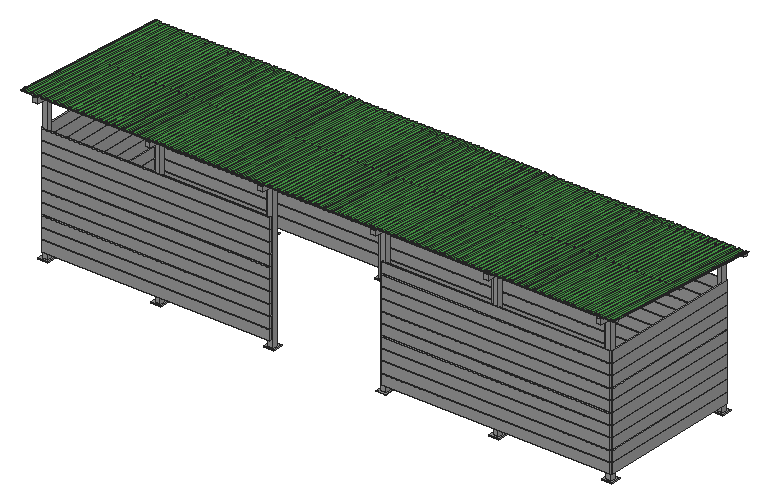
Revit family "Контейнерная площадка «Экология» Арт 19441", category Антураж, Revit 2018 (continued)
Definition of nested family "Контейнерная площадка «Экология» Арт 19441 8,8 м"
  Parameters (values of type "Контейнерная площадка «Экология» Арт 19441 8,8 м")
    Ширина = 2500 mm
    Цвет отделки = none
    Цвет крыши = none
    Цвет каркаса = none
    Длина = 8800 mm
    Height = 2268 mm
  Reference planes
    plane 1 "По центру (Вперед/Назад)": y = 0
    plane 2: z = 0
    plane 3 "По центру (Влево/Вправо)": x = 0
    plane 4: x = 8800
    plane 5: y = 2500
    plane 6: z = 2268
  Forms (mm)
    Extrusion 1, solid, material <- "Цвет каркаса"
      sketch origin (0, 0, 0) x (0, 1, 0) y (0, 0, 1)
        loop
          line (2314.951, 0) -> (2314.951, 2000.952) -> (2500, 1988.012) -> (2500, 2058.183) -> (0, 2233) -> (0, 2162.829) -> (185, 2149.893) -> (185, 0) -> (255, 0) -> (255, 2144.998) -> (2244.951, 2005.847) -> (2244.951, 0) -> (2314.951, 0)
      from 185 to 255
    Extrusion 2, solid, material <- "Цвет каркаса"
      sketch origin (0, 0, 0) x (0, 1, 0) y (0, 0, 1)
        loop
          line (0, 2233) -> (0, 2162.829) -> (185, 2149.893) -> (185, 0) -> (255, 0) -> (255, 2144.998) -> (2244.951, 2005.847) -> (2244.951, 0) -> (2314.951, 0) -> (2314.951, 2000.952) -> (2500, 1988.012) -> (2500, 2058.183) -> (0, 2233)
      from 1857 to 1927
    Extrusion 3, solid, material <- "Цвет каркаса"
      sketch origin (5600, 0, 0) x (0, 1, 0) y (0, 0, -1)
        loop
          line (2244.951, -2005.847) -> (255, -2144.998) -> (255, 0) -> (185, 0) -> (185, -2149.893) -> (0, -2162.829) -> (0, -2233) -> (2500, -2058.183) -> (2500, -1988.012) -> (2314.951, -2000.952) -> (2314.951, 0) -> (2244.951, 0) -> (2244.951, -2005.847)
      from 329 to 399
    Extrusion 4, solid, material <- "Цвет каркаса"
      sketch origin (5600, 0, 0) x (0, 1, 0) y (0, 0, -1)
        loop
          line (2244.951, -2005.847) -> (255, -2144.998) -> (255, 0) -> (185, 0) -> (185, -2149.893) -> (0, -2162.829) -> (0, -2233) -> (2500, -2058.183) -> (2500, -1988.012) -> (2314.951, -2000.952) -> (2314.951, 0) -> (2244.951, 0) -> (2244.951, -2005.847)
      from 2001 to 2071
    Extrusion 5, solid, material <- "Цвет крыши"
      sketch origin (0, -158.208, 5.525) x (1, 0, 0) y (0, 0.069756, 0.997564)
        loop
          line (30, 2268) -> (25, 2260) -> (0, 2260) -> (0, 2258) -> (26.108, 2258) -> (31.108, 2266) -> (81.392, 2266) -> (86.392, 2258) -> (141.108, 2258) -> (146.108, 2266) -> (196.392, 2266) -> (201.392, 2258) -> (256.108, 2258) -> (261.108, 2266) -> (311.392, 2266) -> (316.392, 2258) -> (371.108, 2258) -> (376.108, 2266) -> (426.392, 2266) -> (431.392, 2258) -> (486.108, 2258) -> (491.108, 2266) -> (541.392, 2266) -> (546.392, 2258) -> (601.108, 2258) -> (606.108, 2266) -> (656.392, 2266) -> (661.392, 2258) -> (716.108, 2258) -> (721.108, 2266) -> (771.392, 2266) -> (776.392, 2258) -> (831.108, 2258) -> (836.108, 2266) -> (886.392, 2266) -> (891.392, 2258) -> (946.108, 2258) -> (951.108, 2266) -> (1001.392, 2266) -> (1006.392, 2258) -> (1061.108, 2258) -> (1066.108, 2266) -> (1116.392, 2266) -> (1121.392, 2258) -> (1176.108, 2258) -> (1181.108, 2266) -> (1231.392, 2266) -> (1236.392, 2258) -> (1291.108, 2258) -> (1296.108, 2266) -> (1346.392, 2266) -> (1351.392, 2258) -> (1406.108, 2258) -> (1411.108, 2266) -> (1461.392, 2266) -> (1466.392, 2258) -> (1521.108, 2258) -> (1526.108, 2266) -> (1576.392, 2266) -> (1581.392, 2258) -> (1636.108, 2258) -> (1641.108, 2266) -> (1691.392, 2266) -> (1696.392, 2258) -> (1751.108, 2258) -> (1756.108, 2266) -> (1806.392, 2266) -> (1811.392, 2258) -> (1866.108, 2258) -> (1871.108, 2266) -> (1921.392, 2266) -> (1926.392, 2258) -> (1981.108, 2258) -> (1986.108, 2266) -> (2036.392, 2266) -> (2041.392, 2258) -> (2096.108, 2258) -> (2101.108, 2266) -> (2151.392, 2266) -> (2156.392, 2258) -> (2211.108, 2258) -> (2216.108, 2266) -> (2266.392, 2266) -> (2271.392, 2258) -> (2326.108, 2258) -> (2331.108, 2266) -> (2381.392, 2266) -> (2386.392, 2258) -> (2441.108, 2258) -> (2446.108, 2266) -> (2496.392, 2266) -> (2501.392, 2258) -> (2556.108, 2258) -> (2561.108, 2266) -> (2611.392, 2266) -> (2616.392, 2258) -> (2671.108, 2258) -> (2676.108, 2266) -> (2726.392, 2266) -> (2731.392, 2258) -> (2786.108, 2258) -> (2791.108, 2266) -> (2841.392, 2266) -> (2846.392, 2258) -> (2901.108, 2258) -> (2906.108, 2266) -> (2956.392, 2266) -> (2961.392, 2258) -> (3016.108, 2258) -> (3021.108, 2266) -> (3071.392, 2266) -> (3076.392, 2258) -> (3131.108, 2258) -> (3136.108, 2266) -> (3186.392, 2266) -> (3191.392, 2258) -> (3246.108, 2258) -> (3251.108, 2266) -> (3301.392, 2266) -> (3306.392, 2258) -> (3361.108, 2258) -> (3366.108, 2266) -> (3416.392, 2266) -> (3421.392, 2258) -> (3476.108, 2258) -> (3481.108, 2266) -> (3531.392, 2266) -> (3536.392, 2258) -> (3591.108, 2258) -> (3596.108, 2266) -> (3646.392, 2266) -> (3651.392, 2258) -> (3706.108, 2258) -> (3711.108, 2266) -> (3761.392, 2266) -> (3766.392, 2258) -> (3821.108, 2258) -> (3826.108, 2266) -> (3876.392, 2266) -> (3881.392, 2258) -> (3936.108, 2258) -> (3941.108, 2266) -> (3991.392, 2266) -> (3996.392, 2258) -> (4051.108, 2258) -> (4056.108, 2266) -> (4106.392, 2266) -> (4111.392, 2258) -> (4166.108, 2258) -> (4171.108, 2266) -> (4221.392, 2266) -> (4226.392, 2258) -> (4281.108, 2258) -> (4286.108, 2266) -> (4336.392, 2266) -> (4341.392, 2258) -> (4396.108, 2258) -> (4401.108, 2266) -> (4451.392, 2266) -> (4456.392, 2258) -> (4511.108, 2258) -> (4516.108, 2266) -> (4566.392, 2266) -> (4571.392, 2258) -> (4626.108, 2258) -> (4631.108, 2266) -> (4681.392, 2266) -> (4686.392, 2258) -> (4741.108, 2258) -> (4746.108, 2266) -> (4796.392, 2266) -> (4801.392, 2258) -> (4856.108, 2258) -> (4861.108, 2266) -> (4911.392, 2266) -> (4916.392, 2258) -> (4971.108, 2258) -> (4976.108, 2266) -> (5026.392, 2266) -> (5031.392, 2258) -> (5086.108, 2258) -> (5091.108, 2266) -> (5141.392, 2266) -> (5146.392, 2258) -> (5201.108, 2258) -> (5206.108, 2266) -> (5256.392, 2266) -> (5261.392, 2258) -> (5316.108, 2258) -> (5321.108, 2266) -> (5371.392, 2266) -> (5376.392, 2258) -> (5431.108, 2258) -> (5436.108, 2266) -> (5486.392, 2266) -> (5491.392, 2258) -> (5546.108, 2258) -> (5551.108, 2266) -> (5601.392, 2266) -> (5606.392, 2258) -> (5661.108, 2258) -> (5666.108, 2266) -> (5716.392, 2266) -> (5721.392, 2258) -> (5776.108, 2258) -> (5781.108, 2266) -> (5831.392, 2266) -> (5836.392, 2258) -> (5891.108, 2258) -> (5896.108, 2266) -> (5946.392, 2266) -> (5951.392, 2258) -> (6006.108, 2258) -> (6011.108, 2266) -> (6061.392, 2266) -> (6066.392, 2258) -> (6121.108, 2258) -> (6126.108, 2266) -> (6176.392, 2266) -> (6181.392, 2258) -> (6236.108, 2258) -> (6241.108, 2266) -> (6291.392, 2266) -> (6296.392, 2258) -> (6351.108, 2258) -> (6356.108, 2266) -> (6406.392, 2266) -> (6411.392, 2258) -> (6466.108, 2258) -> (6471.108, 2266) -> (6521.392, 2266) -> (6526.392, 2258) -> (6581.108, 2258) -> (6586.108, 2266) -> (6636.392, 2266) -> (6641.392, 2258) -> (6696.108, 2258) -> (6701.108, 2266) -> (6751.392, 2266) -> (6756.392, 2258) -> (6811.108, 2258) -> (6816.108, 2266) -> (6866.392, 2266) -> (6871.392, 2258) -> (6926.108, 2258) -> (6931.108, 2266) -> (6981.392, 2266) -> (6986.392, 2258) -> (7041.108, 2258) -> (7046.108, 2266) -> (7096.392, 2266) -> (7101.392, 2258) -> (7156.108, 2258) -> (7161.108, 2266) -> (7211.392, 2266) -> (7216.392, 2258) -> (7271.108, 2258) -> (7276.108, 2266) -> (7326.392, 2266) -> (7331.392, 2258) -> (7386.108, 2258) -> (7391.108, 2266) -> (7441.392, 2266) -> (7446.392, 2258) -> (7501.108, 2258) -> (7506.108, 2266) -> (7556.392, 2266) -> (7561.392, 2258) -> (7616.108, 2258) -> (7621.108, 2266) -> (7671.392, 2266) -> (7676.392, 2258) -> (7731.108, 2258) -> (7736.108, 2266) -> (7786.392, 2266) -> (7791.392, 2258) -> (7846.108, 2258) -> (7851.108, 2266) -> (7901.392, 2266) -> (7906.392, 2258) -> (7961.108, 2258) -> (7966.108, 2266) -> (8016.392, 2266) -> (8021.392, 2258) -> (8076.108, 2258) -> (8081.108, 2266) -> (8131.392, 2266) -> (8136.392, 2258) -> (8191.108, 2258) -> (8196.108, 2266) -> (8246.392, 2266) -> (8251.392, 2258) -> (8306.108, 2258) -> (8311.108, 2266) -> (8361.392, 2266) -> (8366.392, 2258) -> (8421.108, 2258) -> (8426.108, 2266) -> (8476.392, 2266) -> (8481.392, 2258) -> (8536.108, 2258) -> (8541.108, 2266) -> (8591.392, 2266) -> (8596.392, 2258) -> (8651.108, 2258) -> (8656.108, 2266) -> (8706.392, 2266) -> (8711.392, 2258) -> (8766.108, 2258) -> (8771.108, 2266) -> (8800, 2266) -> (8800, 2268) -> (8770, 2268) -> (8765, 2260) -> (8712.5, 2260) -> (8707.5, 2268) -> (8655, 2268) -> (8650, 2260) -> (8597.5, 2260) -> (8592.5, 2268) -> (8540, 2268) -> (8535, 2260) -> (8482.5, 2260) -> (8477.5, 2268) -> (8425, 2268) -> (8420, 2260) -> (8367.5, 2260) -> (8362.5, 2268) -> (8310, 2268) -> (8305, 2260) -> (8252.5, 2260) -> (8247.5, 2268) -> (8195, 2268) -> (8190, 2260) -> (8137.5, 2260) -> (8132.5, 2268) -> (8080, 2268) -> (8075, 2260) -> (8022.5, 2260) -> (8017.5, 2268) -> (7965, 2268) -> (7960, 2260) -> (7907.5, 2260) -> (7902.5, 2268) -> (7850, 2268) -> (7845, 2260) -> (7792.5, 2260) -> (7787.5, 2268) -> (7735, 2268) -> (7730, 2260) -> (7677.5, 2260) -> (7672.5, 2268) -> (7620, 2268) -> (7615, 2260) -> (7562.5, 2260) -> (7557.5, 2268) -> (7505, 2268) -> (7500, 2260) -> (7447.5, 2260) -> (7442.5, 2268) -> (7390, 2268) -> (7385, 2260) -> (7332.5, 2260) -> (7327.5, 2268) -> (7275, 2268) -> (7270, 2260) -> (7217.5, 2260) -> (7212.5, 2268) -> (7160, 2268) -> (7155, 2260) -> (7102.5, 2260) -> (7097.5, 2268) -> (7045, 2268) -> (7040, 2260) -> (6987.5, 2260) -> (6982.5, 2268) -> (6930, 2268) -> (6925, 2260) -> (6872.5, 2260) -> (6867.5, 2268) -> (6815, 2268) -> (6810, 2260) -> (6757.5, 2260) -> (6752.5, 2268) -> (6700, 2268) -> (6695, 2260) -> (6642.5, 2260) -> (6637.5, 2268) -> (6585, 2268) -> (6580, 2260) -> (6527.5, 2260) -> (6522.5, 2268) -> (6470, 2268) -> (6465, 2260) -> (6412.5, 2260) -> (6407.5, 2268) -> (6355, 2268) -> (6350, 2260) -> (6297.5, 2260) -> (6292.5, 2268) -> (6240, 2268) -> (6235, 2260) -> (6182.5, 2260) -> (6177.5, 2268) -> (6125, 2268) -> (6120, 2260) -> (6067.5, 2260) -> (6062.5, 2268) -> (6010, 2268) -> (6005, 2260) -> (5952.5, 2260) -> (5947.5, 2268) -> (5895, 2268) -> (5890, 2260) -> (5837.5, 2260) -> (5832.5, 2268) -> (5780, 2268) -> (5775, 2260) -> (5722.5, 2260) ->
             (5717.5, 2268) -> (5665, 2268) -> (5660, 2260) -> (5607.5, 2260) -> (5602.5, 2268) -> (5550, 2268) -> (5545, 2260) -> (5492.5, 2260) -> (5487.5, 2268) -> (5435, 2268) -> (5430, 2260) -> (5377.5, 2260) -> (5372.5, 2268) -> (5320, 2268) -> (5315, 2260) -> (5262.5, 2260) -> (5257.5, 2268) -> (5205, 2268) -> (5200, 2260) -> (5147.5, 2260) -> (5142.5, 2268) -> (5090, 2268) -> (5085, 2260) -> (5032.5, 2260) -> (5027.5, 2268) -> (4975, 2268) -> (4970, 2260) -> (4917.5, 2260) -> (4912.5, 2268) -> (4860, 2268) -> (4855, 2260) -> (4802.5, 2260) -> (4797.5, 2268) -> (4745, 2268) -> (4740, 2260) -> (4687.5, 2260) -> (4682.5, 2268) -> (4630, 2268) -> (4625, 2260) -> (4572.5, 2260) -> (4567.5, 2268) -> (4515, 2268) -> (4510, 2260) -> (4457.5, 2260) -> (4452.5, 2268) -> (4400, 2268) -> (4395, 2260) -> (4342.5, 2260) -> (4337.5, 2268) -> (4285, 2268) -> (4280, 2260) -> (4227.5, 2260) -> (4222.5, 2268) -> (4170, 2268) -> (4165, 2260) -> (4112.5, 2260) -> (4107.5, 2268) -> (4055, 2268) -> (4050, 2260) -> (3997.5, 2260) -> (3992.5, 2268) -> (3940, 2268) -> (3935, 2260) -> (3882.5, 2260) -> (3877.5, 2268) -> (3825, 2268) -> (3820, 2260) -> (3767.5, 2260) -> (3762.5, 2268) -> (3710, 2268) -> (3705, 2260) -> (3652.5, 2260) -> (3647.5, 2268) -> (3595, 2268) -> (3590, 2260) -> (3537.5, 2260) -> (3532.5, 2268) -> (3480, 2268) -> (3475, 2260) -> (3422.5, 2260) -> (3417.5, 2268) -> (3365, 2268) -> (3360, 2260) -> (3307.5, 2260) -> (3302.5, 2268) -> (3250, 2268) -> (3245, 2260) -> (3192.5, 2260) -> (3187.5, 2268) -> (3135, 2268) -> (3130, 2260) -> (3077.5, 2260) -> (3072.5, 2268) -> (3020, 2268) -> (3015, 2260) -> (2962.5, 2260) -> (2957.5, 2268) -> (2905, 2268) -> (2900, 2260) -> (2847.5, 2260) -> (2842.5, 2268) -> (2790, 2268) -> (2785, 2260) -> (2732.5, 2260) -> (2727.5, 2268) -> (2675, 2268) -> (2670, 2260) -> (2617.5, 2260) -> (2612.5, 2268) -> (2560, 2268) -> (2555, 2260) -> (2502.5, 2260) -> (2497.5, 2268) -> (2445, 2268) -> (2440, 2260) -> (2387.5, 2260) -> (2382.5, 2268) -> (2330, 2268) -> (2325, 2260) -> (2272.5, 2260) -> (2267.5, 2268) -> (2215, 2268) -> (2210, 2260) -> (2157.5, 2260) -> (2152.5, 2268) -> (2100, 2268) -> (2095, 2260) -> (2042.5, 2260) -> (2037.5, 2268) -> (1985, 2268) -> (1980, 2260) -> (1927.5, 2260) -> (1922.5, 2268) -> (1870, 2268) -> (1865, 2260) -> (1812.5, 2260) -> (1807.5, 2268) -> (1755, 2268) -> (1750, 2260) -> (1697.5, 2260) -> (1692.5, 2268) -> (1640, 2268) -> (1635, 2260) -> (1582.5, 2260) -> (1577.5, 2268) -> (1525, 2268) -> (1520, 2260) -> (1467.5, 2260) -> (1462.5, 2268) -> (1410, 2268) -> (1405, 2260) -> (1352.5, 2260) -> (1347.5, 2268) -> (1295, 2268) -> (1290, 2260) -> (1237.5, 2260) -> (1232.5, 2268) -> (1180, 2268) -> (1175, 2260) -> (1122.5, 2260) -> (1117.5, 2268) -> (1065, 2268) -> (1060, 2260) -> (1007.5, 2260) -> (1002.5, 2268) -> (950, 2268) -> (945, 2260) -> (892.5, 2260) -> (887.5, 2268) -> (835, 2268) -> (830, 2260) -> (777.5, 2260) -> (772.5, 2268) -> (720, 2268) -> (715, 2260) -> (662.5, 2260) -> (657.5, 2268) -> (605, 2268) -> (600, 2260) -> (547.5, 2260) -> (542.5, 2268) -> (490, 2268) -> (485, 2260) -> (432.5, 2260) -> (427.5, 2268) -> (375, 2268) -> (370, 2260) -> (317.5, 2260) -> (312.5, 2268) -> (260, 2268) -> (255, 2260) -> (202.5, 2260) -> (197.5, 2268) -> (145, 2268) -> (140, 2260) -> (87.5, 2260) -> (82.5, 2268) -> (30, 2268)
      from 0 to -2506.188
    Extrusion 6, solid, material <- "Цвет каркаса"
      sketch origin (0, 0, 0) x (0, 1, 0) y (0, 0, 1)
        loop
          line (2465.085, 2060.624) -> (2466.823, 2085.478) -> (2416.945, 2088.966) -> (2415.207, 2064.112) -> (2465.085, 2060.624)
        loop
          line (84.793, 2227.071) -> (86.531, 2251.925) -> (36.653, 2255.413) -> (34.915, 2230.559) -> (84.793, 2227.071)
        loop
          line (1274.939, 2143.848) -> (1276.677, 2168.702) -> (1226.799, 2172.189) -> (1225.061, 2147.335) -> (1274.939, 2143.848)
      from 0 to 8800
    Extrusion 7, solid, material <- "Цвет каркаса"
      sketch origin (0, 0, 0) x (1, 0, 0) y (0, 1, 0)
        loop
          line (145, 2354.951) -> (145, 2204.951) -> (295, 2204.951) -> (295, 2354.951) -> (145, 2354.951)
        loop
          line (145, 295) -> (145, 145) -> (295, 145) -> (295, 295) -> (145, 295)
        loop
          line (1817, 2354.951) -> (1817, 2204.951) -> (1967, 2204.951) -> (1967, 2354.951) -> (1817, 2354.951)
        loop
          line (1817, 295) -> (1817, 145) -> (1967, 145) -> (1967, 295) -> (1817, 295)
        loop
          line (3489, 2354.951) -> (3489, 2204.951) -> (3639, 2204.951) -> (3639, 2354.951) -> (3489, 2354.951)
        loop
          line (3489, 295) -> (3489, 145) -> (3639, 145) -> (3639, 295) -> (3489, 295)
        loop
          line (5161, 2354.951) -> (5161, 2204.951) -> (5311, 2204.951) -> (5311, 2354.951) -> (5161, 2354.951)
        loop
          line (5161, 295) -> (5161, 145) -> (5311, 145) -> (5311, 295) -> (5161, 295)
        loop
          line (6833, 2354.951) -> (6833, 2204.951) -> (6983, 2204.951) -> (6983, 2354.951) -> (6833, 2354.951)
        loop
          line (6833, 295) -> (6833, 145) -> (6983, 145) -> (6983, 295) -> (6833, 295)
        loop
          line (8505, 2354.951) -> (8505, 2204.951) -> (8655, 2204.951) -> (8655, 2354.951) -> (8505, 2354.951)
        loop
          line (8505, 295) -> (8505, 145) -> (8655, 145) -> (8655, 295) -> (8505, 295)
      from 0 to 10
    Extrusion 8, solid, material <- "Цвет отделки"
      sketch origin (0, 0, 0) x (0, 1, 0) y (0, 0, 1)
        loop
          line (2314.951, 1735) -> (185, 1735) -> (185, 1585) -> (2314.951, 1585) -> (2314.951, 1735)
        loop
          line (2314.951, 1570) -> (185, 1570) -> (185, 1420) -> (2314.951, 1420) -> (2314.951, 1570)
        loop
          line (2314.951, 1405) -> (185, 1405) -> (185, 1255) -> (2314.951, 1255) -> (2314.951, 1405)
        loop
          line (2314.951, 1240) -> (185, 1240) -> (185, 1090) -> (2314.951, 1090) -> (2314.951, 1240)
        loop
          line (2314.951, 1075) -> (185, 1075) -> (185, 925) -> (2314.951, 925) -> (2314.951, 1075)
        loop
          line (2314.951, 910) -> (185, 910) -> (185, 760) -> (2314.951, 760) -> (2314.951, 910)
        loop
          line (2314.951, 745) -> (185, 745) -> (185, 595) -> (2314.951, 595) -> (2314.951, 745)
        loop
          line (2314.951, 580) -> (185, 580) -> (185, 430) -> (2314.951, 430) -> (2314.951, 580)
        loop
          line (2314.951, 415) -> (185, 415) -> (185, 265) -> (2314.951, 265) -> (2314.951, 415)
        loop
          line (2314.951, 250) -> (185, 250) -> (185, 100) -> (2314.951, 100) -> (2314.951, 250)
      from 165 to 185
    Extrusion 9, solid, material <- "Цвет отделки"
      sketch origin (0, 0, 0) x (0, 1, 0) y (0, 0, 1)
        loop
          line (2314.951, 1735) -> (185, 1735) -> (185, 1585) -> (2314.951, 1585) -> (2314.951, 1735)
        loop
          line (2314.951, 1570) -> (185, 1570) -> (185, 1420) -> (2314.951, 1420) -> (2314.951, 1570)
        loop
          line (2314.951, 1405) -> (185, 1405) -> (185, 1255) -> (2314.951, 1255) -> (2314.951, 1405)
        loop
          line (2314.951, 1240) -> (185, 1240) -> (185, 1090) -> (2314.951, 1090) -> (2314.951, 1240)
        loop
          line (2314.951, 1075) -> (185, 1075) -> (185, 925) -> (2314.951, 925) -> (2314.951, 1075)
        loop
          line (2314.951, 910) -> (185, 910) -> (185, 760) -> (2314.951, 760) -> (2314.951, 910)
        loop
          line (2314.951, 745) -> (185, 745) -> (185, 595) -> (2314.951, 595) -> (2314.951, 745)
        loop
          line (2314.951, 580) -> (185, 580) -> (185, 430) -> (2314.951, 430) -> (2314.951, 580)
        loop
          line (2314.951, 415) -> (185, 415) -> (185, 265) -> (2314.951, 265) -> (2314.951, 415)
        loop
          line (2314.951, 250) -> (185, 250) -> (185, 100) -> (2314.951, 100) -> (2314.951, 250)
      from 8615 to 8635
    Extrusion 10, solid, material <- "Цвет отделки"
      sketch origin (0, 0, 0) x (1, 0, 0) y (0, 0, 1)
        loop
          line (5236, 1735) -> (5236, 1585) -> (8615, 1585) -> (8615, 1735) -> (5236, 1735)
        loop
          line (5236, 1570) -> (5236, 1420) -> (8615, 1420) -> (8615, 1570) -> (5236, 1570)
        loop
          line (5236, 1405) -> (5236, 1255) -> (8615, 1255) -> (8615, 1405) -> (5236, 1405)
        loop
          line (5236, 1240) -> (5236, 1090) -> (8615, 1090) -> (8615, 1240) -> (5236, 1240)
        loop
          line (5236, 1075) -> (5236, 925) -> (8615, 925) -> (8615, 1075) -> (5236, 1075)
        loop
          line (5236, 910) -> (5236, 760) -> (8615, 760) -> (8615, 910) -> (5236, 910)
        loop
          line (5236, 745) -> (5236, 595) -> (8615, 595) -> (8615, 745) -> (5236, 745)
        loop
          line (5236, 580) -> (5236, 430) -> (8615, 430) -> (8615, 580) -> (5236, 580)
        loop
          line (5236, 415) -> (5236, 265) -> (8615, 265) -> (8615, 415) -> (5236, 415)
        loop
          line (5236, 250) -> (5236, 100) -> (8615, 100) -> (8615, 250) -> (5236, 250)
        loop
          line (185, 1735) -> (185, 1585) -> (3564, 1585) -> (3564, 1735) -> (185, 1735)
        loop
          line (185, 1570) -> (185, 1420) -> (3564, 1420) -> (3564, 1570) -> (185, 1570)
        loop
          line (185, 1405) -> (185, 1255) -> (3564, 1255) -> (3564, 1405) -> (185, 1405)
        loop
          line (185, 1240) -> (185, 1090) -> (3564, 1090) -> (3564, 1240) -> (185, 1240)
        loop
          line (185, 1075) -> (185, 925) -> (3564, 925) -> (3564, 1075) -> (185, 1075)
        loop
          line (185, 910) -> (185, 760) -> (3564, 760) -> (3564, 910) -> (185, 910)
        loop
          line (185, 745) -> (185, 595) -> (3564, 595) -> (3564, 745) -> (185, 745)
        loop
          line (185, 580) -> (185, 430) -> (3564, 430) -> (3564, 580) -> (185, 580)
        loop
          line (185, 415) -> (185, 265) -> (3564, 265) -> (3564, 415) -> (185, 415)
        loop
          line (185, 250) -> (185, 100) -> (3564, 100) -> (3564, 250) -> (185, 250)
      from -185 to -165
    Extrusion 11, solid, material <- "Цвет отделки"
      sketch origin (0, 0, 0) x (1, 0, 0) y (0, 0, 1)
        loop
          line (185, 1735) -> (185, 1585) -> (8615, 1585) -> (8615, 1735) -> (185, 1735)
        loop
          line (185, 1570) -> (185, 1420) -> (8615, 1420) -> (8615, 1570) -> (185, 1570)
        loop
          line (185, 1405) -> (185, 1255) -> (8615, 1255) -> (8615, 1405) -> (185, 1405)
        loop
          line (185, 1240) -> (185, 1090) -> (8615, 1090) -> (8615, 1240) -> (185, 1240)
        loop
          line (185, 1075) -> (185, 925) -> (8615, 925) -> (8615, 1075) -> (185, 1075)
        loop
          line (185, 910) -> (185, 760) -> (8615, 760) -> (8615, 910) -> (185, 910)
        loop
          line (185, 745) -> (185, 595) -> (8615, 595) -> (8615, 745) -> (185, 745)
        loop
          line (185, 580) -> (185, 430) -> (8615, 430) -> (8615, 580) -> (185, 580)
        loop
          line (185, 415) -> (185, 265) -> (8615, 265) -> (8615, 415) -> (185, 415)
        loop
          line (185, 250) -> (185, 100) -> (8615, 100) -> (8615, 250) -> (185, 250)
      from -2314.951 to -2335
    Extrusion 12, solid, material <- "Цвет каркаса"
      sketch origin (7275, 0, 0) x (0, 1, 0) y (0, 0, -1)
        loop
          line (2244.951, -2005.847) -> (255, -2144.998) -> (255, 0) -> (185, 0) -> (185, -2149.893) -> (0, -2162.829) -> (0, -2233) -> (2500, -2058.183) -> (2500, -1988.012) -> (2314.951, -2000.952) -> (2314.951, 0) -> (2244.951, 0) -> (2244.951, -2005.847)
      from 332 to 402
    Extrusion 13, solid, material <- "Цвет каркаса"
      sketch origin (7275, 0, 0) x (0, 1, 0) y (0, 0, -1)
        loop
          line (2244.951, -2005.847) -> (255, -2144.998) -> (255, 0) -> (185, 0) -> (185, -2149.893) -> (0, -2162.829) -> (0, -2233) -> (2500, -2058.183) -> (2500, -1988.012) -> (2314.951, -2000.952) -> (2314.951, 0) -> (2244.951, 0) -> (2244.951, -2005.847)
      from -1340 to -1270
  Dimensions and locks
    "Ширина": plane 5 to plane 1 "По центру (Вперед/Назад)"
    "Height": plane 6 to plane 2
    "Длина": plane 3 "По центру (Влево/Вправо)" to plane 4
    aligned and locked: level to plane 2
  Automatic sketch dimensions
    Extrusion 1 sketch curve to plane 1 "По центру (Вперед/Назад)" = 0 mm
    Extrusion 1 sketch curve to level = 0 mm
    level to Extrusion 1 sketch curve = 0 mm
    Extrusion 1 sketch curve to plane 5 = 0 mm
    Extrusion 1 sketch curve to plane 1 "По центру (Вперед/Назад)" = 185 mm
    Extrusion 1 sketch curve to plane 6 = 123.002 mm
    Extrusion 1 sketch curve to Extrusion 1 sketch curve = 70 mm  (x2)
    Extrusion 1 sketch curve to plane 5 = 255.049 mm
    Extrusion 1 sketch curve to plane 6 = 279.988 mm
    Extrusion 1 sketch curve to Extrusion 1 sketch curve = 12.94 mm
    Extrusion 1 sketch curve to Extrusion 1 sketch curve = 4.895 mm  (x2)
    Extrusion 1 sketch curve to Extrusion 1 sketch curve = 70.171 mm
    Extrusion 1 sketch curve to plane 6 = 105.171 mm
    Extrusion 1 sketch curve to plane 6 = 35 mm
    Extrusion 2 sketch curve to plane 1 "По центру (Вперед/Назад)" = 0 mm
    Extrusion 2 sketch curve to level = 0 mm
    level to Extrusion 2 sketch curve = 0 mm
    Extrusion 2 sketch curve to plane 5 = 0 mm
    Extrusion 2 sketch curve to plane 1 "По центру (Вперед/Назад)" = 185 mm
    Extrusion 2 sketch curve to Extrusion 2 sketch curve = 70 mm  (x2)
    Extrusion 2 sketch curve to plane 5 = 255.049 mm
    Extrusion 2 sketch curve to plane 6 = 279.988 mm
    Extrusion 2 sketch curve to Extrusion 2 sketch curve = 12.94 mm
    Extrusion 2 sketch curve to Extrusion 2 sketch curve = 4.895 mm  (x2)
    Extrusion 2 sketch curve to Extrusion 2 sketch curve = 70.171 mm
    Extrusion 2 sketch curve to plane 6 = 123.002 mm
    Extrusion 2 sketch curve to plane 6 = 105.171 mm
    Extrusion 2 sketch curve to plane 6 = 35 mm
    Extrusion 3 sketch curve to plane 1 "По центру (Вперед/Назад)" = 0 mm
    Extrusion 3 sketch curve to level = 0 mm  (x2)
    Extrusion 3 sketch curve to plane 5 = 0 mm
    Extrusion 3 sketch curve to plane 1 "По центру (Вперед/Назад)" = 185 mm
    Extrusion 3 sketch curve to Extrusion 3 sketch curve = 70 mm  (x2)
    Extrusion 3 sketch curve to plane 5 = 255.049 mm
    Extrusion 3 sketch curve to plane 6 = 279.988 mm
    Extrusion 3 sketch curve to Extrusion 3 sketch curve = 12.94 mm
    Extrusion 3 sketch curve to Extrusion 3 sketch curve = 4.895 mm  (x2)
    Extrusion 3 sketch curve to Extrusion 3 sketch curve = 70.171 mm
    Extrusion 3 sketch curve to plane 6 = 123.002 mm
    Extrusion 3 sketch curve to plane 6 = 105.171 mm
    Extrusion 3 sketch curve to plane 6 = 35 mm
    Extrusion 4 sketch curve to plane 1 "По центру (Вперед/Назад)" = 0 mm
    Extrusion 4 sketch curve to level = 0 mm  (x2)
    Extrusion 4 sketch curve to plane 5 = 0 mm
    Extrusion 4 sketch curve to plane 1 "По центру (Вперед/Назад)" = 185 mm
    Extrusion 4 sketch curve to Extrusion 4 sketch curve = 70 mm  (x2)
    Extrusion 4 sketch curve to plane 5 = 255.049 mm
    Extrusion 4 sketch curve to plane 6 = 279.988 mm
    Extrusion 4 sketch curve to Extrusion 4 sketch curve = 12.94 mm
    Extrusion 4 sketch curve to Extrusion 4 sketch curve = 4.895 mm  (x2)
    Extrusion 4 sketch curve to Extrusion 4 sketch curve = 70.171 mm
    Extrusion 4 sketch curve to plane 6 = 123.002 mm
    Extrusion 4 sketch curve to plane 6 = 105.171 mm
    Extrusion 4 sketch curve to plane 6 = 35 mm
    Extrusion 5 sketch curve to plane 3 "По центру (Влево/Вправо)" = 0 mm
    Extrusion 5 sketch curve to plane 4 = 0 mm
    plane 3 "По центру (Влево/Вправо)" to Extrusion 5 sketch curve = 25 mm
    Extrusion 5 sketch curve to Extrusion 5 sketch curve = 1.108 mm  (x306)
    Extrusion 5 sketch curve to Extrusion 5 sketch curve = 5 mm  (x153)
    Extrusion 5 sketch curve to Extrusion 5 sketch curve = 50.283 mm  (x76)
    Extrusion 5 sketch curve to Extrusion 5 sketch curve = 52.5 mm  (x75)
    Extrusion 5 sketch curve to plane 4 = 35 mm
    Extrusion 5 sketch curve to Extrusion 5 sketch curve = 0 mm  (x76)
    Extrusion 5 sketch curve to Extrusion 5 sketch curve = 2 mm  (x154)
    Extrusion 5 sketch curve to Extrusion 5 sketch curve = 8 mm
    Extrusion 5 sketch curve to Extrusion 5 sketch curve = 6 mm  (x76)
    Extrusion 6 sketch curve to plane 1 "По центру (Вперед/Назад)" = 34.915 mm
    Extrusion 6 sketch curve to plane 6 = 12.587 mm
    Extrusion 6 sketch curve to Extrusion 6 sketch curve = 1.738 mm  (x3)
    Extrusion 6 sketch curve to Extrusion 6 sketch curve = 49.878 mm
    Extrusion 6 sketch curve to plane 6 = 120.665 mm
    Extrusion 6 sketch curve to Extrusion 6 sketch curve = 1140.268 mm
    Extrusion 6 sketch curve to plane 6 = 95.811 mm
    Extrusion 6 sketch curve to plane 6 = 124.152 mm
    Extrusion 6 sketch curve to plane 5 = 84.793 mm
    Extrusion 6 sketch curve to plane 5 = 34.915 mm
    Extrusion 6 sketch curve to plane 6 = 179.034 mm
    Extrusion 6 sketch curve to Extrusion 6 sketch curve = 3.488 mm
    Extrusion 6 sketch curve to plane 6 = 40.929 mm
    plane 3 "По центру (Влево/Вправо)" to Extrusion 7 sketch curve = 145 mm  (x2)
    Extrusion 7 sketch curve to Extrusion 7 sketch curve = 150 mm  (x19)
    Extrusion 7 sketch curve to plane 5 = 145.049 mm  (x6)
    Extrusion 7 sketch curve to Extrusion 7 sketch curve = 1522 mm  (x8)
    Extrusion 7 sketch curve to plane 1 "По центру (Вперед/Назад)" = 145 mm  (x6)
    Extrusion 7 sketch curve to plane 1 "По центру (Вперед/Назад)" = 295 mm  (x2)
    Extrusion 7 sketch curve to plane 4 = 295 mm  (x2)
    Extrusion 7 sketch curve to plane 4 = 145 mm  (x2)
    Extrusion 7 sketch curve to plane 5 = 295.049 mm
    Extrusion 8 sketch curve to plane 1 "По центру (Вперед/Назад)" = 185 mm  (x2)
    Extrusion 8 sketch curve to Extrusion 8 sketch curve = 0 mm  (x17)
    Extrusion 8 sketch curve to plane 5 = 185.049 mm
    level to Extrusion 8 sketch curve = 100 mm
    Extrusion 8 sketch curve to Extrusion 8 sketch curve = 150 mm  (x10)
    Extrusion 8 sketch curve to Extrusion 8 sketch curve = 15 mm  (x9)
    Extrusion 9 sketch curve to plane 1 "По центру (Вперед/Назад)" = 185 mm  (x2)
    Extrusion 9 sketch curve to Extrusion 9 sketch curve = 0 mm  (x17)
    Extrusion 9 sketch curve to plane 5 = 185.049 mm
    level to Extrusion 9 sketch curve = 100 mm
    Extrusion 9 sketch curve to Extrusion 9 sketch curve = 150 mm  (x10)
    Extrusion 9 sketch curve to Extrusion 9 sketch curve = 15 mm  (x9)
    plane 3 "По центру (Влево/Вправо)" to Extrusion 11 sketch curve = 185 mm  (x2)
    Extrusion 11 sketch curve to Extrusion 11 sketch curve = 0 mm  (x17)
    Extrusion 11 sketch curve to plane 4 = 185 mm
    level to Extrusion 11 sketch curve = 100 mm
    Extrusion 11 sketch curve to Extrusion 11 sketch curve = 150 mm  (x10)
    Extrusion 11 sketch curve to Extrusion 11 sketch curve = 15 mm  (x9)
    Extrusion 12 sketch curve to plane 1 "По центру (Вперед/Назад)" = 0 mm
    Extrusion 12 sketch curve to level = 0 mm  (x2)
    Extrusion 12 sketch curve to plane 5 = 0 mm
    Extrusion 12 sketch curve to plane 1 "По центру (Вперед/Назад)" = 185 mm
    Extrusion 12 sketch curve to Extrusion 12 sketch curve = 70 mm  (x2)
    Extrusion 12 sketch curve to plane 5 = 255.049 mm
    Extrusion 12 sketch curve to plane 6 = 279.988 mm
    Extrusion 12 sketch curve to Extrusion 12 sketch curve = 12.94 mm
    Extrusion 12 sketch curve to Extrusion 12 sketch curve = 4.895 mm  (x2)
    Extrusion 12 sketch curve to Extrusion 12 sketch curve = 70.171 mm
    Extrusion 12 sketch curve to plane 6 = 123.002 mm
    Extrusion 12 sketch curve to plane 6 = 105.171 mm
    Extrusion 12 sketch curve to plane 6 = 35 mm
    Extrusion 13 sketch curve to plane 1 "По центру (Вперед/Назад)" = 0 mm
    Extrusion 13 sketch curve to level = 0 mm  (x2)
    Extrusion 13 sketch curve to plane 5 = 0 mm
    Extrusion 13 sketch curve to plane 1 "По центру (Вперед/Назад)" = 185 mm
    Extrusion 13 sketch curve to Extrusion 13 sketch curve = 70 mm  (x2)
    Extrusion 13 sketch curve to plane 5 = 255.049 mm
    Extrusion 13 sketch curve to plane 6 = 279.988 mm
    Extrusion 13 sketch curve to Extrusion 13 sketch curve = 12.94 mm
    Extrusion 13 sketch curve to Extrusion 13 sketch curve = 4.895 mm  (x2)
    Extrusion 13 sketch curve to Extrusion 13 sketch curve = 70.171 mm
    Extrusion 13 sketch curve to plane 6 = 123.002 mm
    Extrusion 13 sketch curve to plane 6 = 105.171 mm
    Extrusion 13 sketch curve to plane 6 = 35 mm
    plane 3 "По центру (Влево/Вправо)" to Extrusion 10 sketch curve = 185 mm  (x2)
    Extrusion 10 sketch curve to Extrusion 10 sketch curve = 0 mm  (x35)
    level to Extrusion 10 sketch curve = 910 mm
    Extrusion 10 sketch curve to Extrusion 10 sketch curve = 3379 mm
    level to Extrusion 10 sketch curve = 100 mm  (x2)
    Extrusion 10 sketch curve to Extrusion 10 sketch curve = 1672 mm
    Extrusion 10 sketch curve to plane 4 = 185 mm
    Extrusion 10 sketch curve to Extrusion 10 sketch curve = 150 mm  (x19)
    Extrusion 10 sketch curve to Extrusion 10 sketch curve = 15 mm  (x18)
Types (4, lengths in mm): name | Описание | Изображение типоразмера | Длина | Версия 8,8 м | Версия 7,3 м | Версия 5,6 м
  (no name) | "Контейнерная площадка «Экология». Версия 8,8 м на 5 контейнеров" | Контейнерная площадка «Экология» Арт 19441.jpg | 8800 | yes | no | no
  Версия 5,6 м | "Контейнерная площадка «Экология». Версия 5,6 м на 3 контейнера" | Контейнерная площадка «Экология» Арт 19441 5,6 м.jpg | 5600 | no | no | yes
  Версия 7,3 м | "Контейнерная площадка «Экология». Версия 7,3 м на 4 контейнера" | Контейнерная площадка «Экология» Арт 19441.jpg | 7300 | no | yes | no
  Версия 8,8 м | "Контейнерная площадка «Экология». Версия 8,8 м на 5 контейнеров" | Контейнерная площадка «Экология» Арт 19441.jpg | 8800 | yes | no | no
